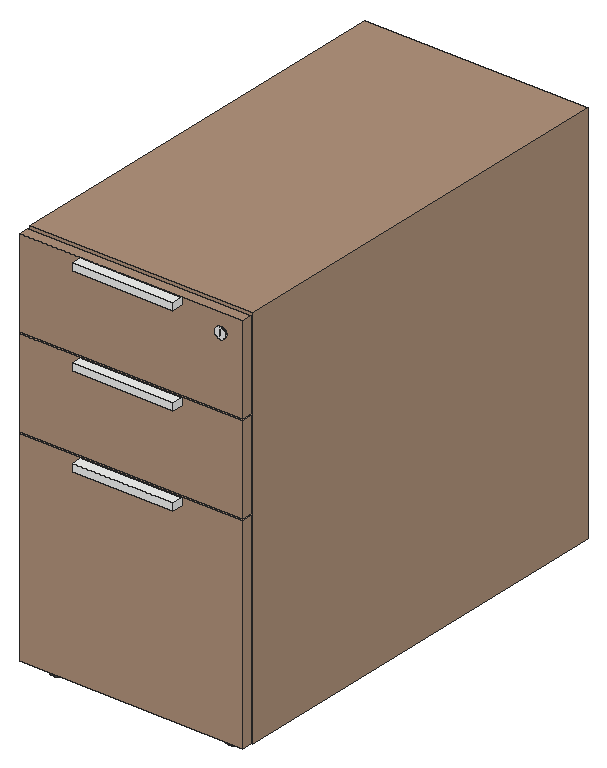
Revit family "Storage-Freestanding-Teknion-BSPSS_Pedestal-R2018", category Furniture, Revit 2018
Family settings
  OmniClass Number = 23.40.20.00
  OmniClass Title = General Furniture and Specialties
  Work Plane-Based = No
  Always vertical = Yes
  Cut with Voids When Loaded = No
  Shared = Yes
  Room Calculation Point = No
Parameters (values of type "30" Depth, 28" Height")
  Warranty = "http://www.teknion.com/ca/papers/legal-canada"
  Unit Weight URL = "http://www.teknion.com/ca/tools/assets#&asset=bee6a381-b954-425e-8283-5a2de3a804f2,f828d448-4b62-4231-9e5f-9a8991c0ed77"
  URL = "www.teknion.com"
  To render please download texture images found here [instance] = "https://assets.teknion.com/web/5e81352c1dfdb467/revit-material-swatches/"
  Sustainability Data = "https://www.teknion.com/ca/tools/assets#&topic=216f99a5-57a0-44fc-b10a-9dee9b29ae4c&asset=444deb64-fe58-4b68-981e-f75e97781df7,b4ff2d81-9f2e-437d-9659-7cffb09c31cf"
  Series = "Expansion Casegoods"  # constant formula
  Pull Finish [instance] = Paint - Teknion - Mica - Very White
  Product Page URL = "https://www.teknion.com/ca/products/product-details?productLineId=0053336e-8e7a-673b-a6c8-ff00004460c4"
  Product Line = "Expansion Casegoods"  # constant formula
  Product Documentation Link = "https://www.teknion.com/pricing/expansion-casegoods/pdfs/Bspss_ppg.pdf"
  Part Number = "BSPSS"  # constant formula
  Model = "BSPSSP3028_"
  Manufacturer Phone = "416-661-3370"  # constant formula
  Manufacturer Fax = "416.661.4586"  # constant formula
  Manufacturer Contact Information = "http://www.teknion.com/ca/contactus"
  Manufacturer Address = "1150 Flint Road, Toronto, ON. M3J 2J5. Canada"  # constant formula
  Manufacturer = "Teknion"  # constant formula
  How To Use Teknion Materials User Guide [instance] = "https://assets.teknion.com/m/205dd0a49fa58060/original/How-to-add-a-Material-Library-and-Texture-Images-to-your-Revit-project.pdf"
  For Additional Finishes please visit [instance] = "https://assets.teknion.com/m/44a8009b046e5d47/original/Teknion_Materials_Library.zip"
  File, File Configuration [instance] = not([Box, Box, File Configuration])  # no
  Drawer Front Finish [instance] = Source Laminate - Teknion - 3M - Provincial Oak
  Description = "Pedestal, Pulls, 30\" Depth, 28\" Height"
  Depth = 30.000"
  Case Finish [instance] = Source Laminate - Teknion - 3M - Provincial Oak (Cross Grain)
  Box, Box, File Top Drawer Cut-Out [instance] = if([Box, Box, File Configuration], 3.589", 0.500")  # 3.589"
  Box, Box, File Configuration [instance] = yes
  Assembly Code = "E2020200"
Types (5): name | Model | Description | Depth
  (no name) | "BSPSSP3028_" | "Pedestal, Pulls, 30\" Depth, 28\" Height" | 30.000"
  18" Depth, 28" Height | "BSPSSP1828_" | "Pedestal, Pulls, 18\" Depth, 28\" Height" | 18.000"
  22" Depth, 28" Height | "BSPSSP2228_" | "Pedestal, Pulls, 22\" Depth, 28\" Height" | 22.000"
  24" Depth, 28" Height | "BSPSSP2428_" | "Pedestal, Pulls, 24\" Depth, 28\" Height" | 24.000"
  30" Depth, 28" Height | "BSPSSP3028_" | "Pedestal, Pulls, 30\" Depth, 28\" Height" | 30.000"
Reference planes (in)
  plane 1 "Center Front/Back": y = 0.93551
  plane 2: z = 0
  plane 3 "Center Left/Right": x = -0.36395
  plane 4 "Left": x = -8.11395
  plane 5 "Right": x = 7.38605
  plane 6 "Back": y = 15.93551
  plane 7 "Front": y = -14.06449
  plane 8 "Top": z = 27.48031
  plane 9: y = -16.81449
  plane 10: z = 0.60236
Forms (in)
  Sweep 1, solid, material "Source Laminate - Teknion - 3M - Provincial Oak (Cross Grain)" <- "Case Finish"
    path origin (0, 0, 0) x (1, 0, 0) y (0, 1, 0)
      loop
        line (-0.36395, 15.93551) -> (-0.36395, -13.22591)
    profile origin (-0.36395, 1.3548, 0) x (1, 0, 0) y (0, 0, 1)
      loop
        line (-7.75, 27.48031) -> (-7.75, 0.60236) -> (7.75, 0.60236) -> (7.75, 27.48031) -> (-7.75, 27.48031)
  Sweep 2, void
    path origin (0, 0, 0) x (1, 0, 0) y (0, 1, 0)
      loop
        line (-0.36395, -16.81449) -> (-0.36395, -13.22549)
    profile origin (-0.36395, -15.01999, 0) x (-1, 0, 0) y (0, 0, 1)
      loop
        line (7.75, 15) -> (-7.75, 15) -> (-7.75, 14.88189) -> (7.75, 14.88189) -> (7.75, 15)
  Sweep 3, solid, material "Source Laminate - Teknion - 3M - Provincial Oak" <- "Drawer Front Finish"
    path origin (0, 0, 0) x (1, 0, 0) y (0, 1, 0)
      loop
        line (-0.36395, -14.06449) -> (-0.36395, -13.3637)
    profile origin (-0.36395, -13.7141, 0) x (-1, 0, 0) y (0, 0, 1)
      loop
        line (7.75, 0.72047) -> (7.75, 27.36221) -> (-7.75, 27.36221) -> (-7.75, 0.72047) -> (7.75, 0.72047)
  Sweep 4, solid, material "Paint - Teknion - Mica - Very White" <- "Pull Finish"
    path origin (0, 0, 0) x (1, 0, 0) y (0, 1, 0)
      loop
        line (-0.36395, -14.81646) -> (-0.36395, -14.06449)
    profile origin (-0.36395, -14.44047, 0) x (-1, 0, 0) y (0, 0, 1)
      loop
        line (3.5, 14.36221) -> (3.5, 14.8622) -> (-3.5, 14.8622) -> (-3.5, 14.36221) -> (3.5, 14.36221)
  Sweep 5, solid, material "Paint - Teknion - Mica - Very White" <- "Pull Finish"
    path origin (-7, 0, 12.48032) x (1, 0, 0) y (0, 1, 0)
      loop
        line (6.63605, -14.81646) -> (6.63605, -14.06449)
    profile origin (-0.36395, -14.44047, 12.48032) x (-1, 0, 0) y (0, 0, 1)
      loop
        line (-3.5, 14.36221) -> (3.5, 14.36221) -> (3.5, 14.8622) -> (-3.5, 14.8622) -> (-3.5, 14.36221)
  Sweep 6, solid, material "Metal - Teknion - C6 - Chrome"
    path origin (0, 0, 0) x (1, 0, 0) y (0, 1, 0)
      loop
        line (5.87031, -14.12354) -> (5.87031, -14.06449)
    profile origin (5.87031, -14.09402, 0) x (-1, 0, 0) y (0, 0, 1)
      loop
        circle (0, 26.10236) r 0.3937
      loop
        line (0.04921, 26.28937) -> (-0.04921, 26.28937) -> (-0.04921, 25.91535) -> (0.04921, 25.91535) -> (0.04921, 26.28937)
  Sweep 7, solid, material "Plastic - Teknion - E - Ebony"
    path origin (0, 0.93551, 0) x (1, 0, 0) y (0, 0, 1)
      loop
        line (-0.36395, 0) -> (-0.36395, 0.60236)
    profile origin (-0.36395, 0.93551, 0.30118) x (-1, 0, 0) y (0, -1, 0)
      loop
        circle (-6.09997, 13.6598) r 0.5
      loop
        circle (6.09997, 13.6598) r 0.5
      loop
        circle (-6.09997, -12.88571) r 0.5
      loop
        circle (6.09997, -12.88571) r 0.5
  Sweep 8, void
    path origin (0, 0, 6.24016) x (1, 0, 0) y (0, 1, 0)
      loop
        line (-0.36395, -16.81449) -> (-0.36395, -13.22549)
    profile origin (-0.36395, -15.01999, 6.24016) x (-1, 0, 0) y (0, 0, 1)
      loop
        line (7.75, 15) -> (-7.75, 15) -> (-7.75, 14.88189) -> (7.75, 14.88189) -> (7.75, 15)
  Sweep 9, solid, material "Paint - Teknion - Mica - Very White" <- "Pull Finish", visible <- "Box, Box, File Configuration"
    path origin (-14, 0, 6.24016) x (1, 0, 0) y (0, 1, 0)
      loop
        line (13.63605, -14.81646) -> (13.63605, -14.06449)
    profile origin (-0.36395, -14.44047, 6.24016) x (-1, 0, 0) y (0, 0, 1)
      loop
        line (3.5, 14.36221) -> (3.5, 14.8622) -> (-3.5, 14.8622) -> (-3.5, 14.36221) -> (3.5, 14.36221)
Cuts and joins
  Sweep 2, Sweep 8 cuts Sweep 3
  Sweep 8 cuts Sweep 1
Lines and regions (in)
  Masking region 1
    outline origin (0, 0, 0) x (1, 0, 0) y (0, 1, 0)
      loop
        line (-8.11395, 15.93551) -> (-8.11395, -13.22591) -> (7.38605, -13.22591) -> (7.38605, 15.93551) -> (-8.11395, 15.93551)
  Masking region 2
    outline origin (0, 0, 0) x (1, 0, 0) y (0, 1, 0)
      loop
        line (-8.11395, -14.06449) -> (7.38605, -14.06449) -> (7.38605, -13.3637) -> (-8.11395, -13.3637) -> (-8.11395, -14.06449)
  Masking region 3
    outline origin (0, 0, 0) x (1, 0, 0) y (0, 1, 0)
      loop
        line (5.47661, -14.06449) -> (5.47661, -14.12354) -> (6.26401, -14.12354) -> (6.26401, -14.06449) -> (5.47661, -14.06449)
  Masking region 4
    outline origin (0, 0, 0) x (1, 0, 0) y (0, 1, 0)
      loop
        line (-3.86395, -14.06449) -> (-3.86395, -14.81646) -> (3.13605, -14.81646) -> (3.13605, -14.06449) -> (-3.86395, -14.06449)
  symbolic lines, style "FurnitureHiddenLines", detail levels fine
    curve 1: arc (-6.96391, 13.82122, 0) -> (-6.46391, 14.32122, 0) -> (-5.96391, 13.82122, 0) r 0.5
    curve 2: arc (-5.96391, 13.82122, 0) -> (-6.46391, 13.32122, 0) -> (-6.96391, 13.82122, 0) r 0.5
    curve 3: arc (5.23602, 13.82122, 0) -> (5.73602, 14.32122, 0) -> (6.23602, 13.82122, 0) r 0.5
    curve 4: arc (6.23602, 13.82122, 0) -> (5.73602, 13.32122, 0) -> (5.23602, 13.82122, 0) r 0.5
    curve 5: arc (5.23602, -12.72429, 0) -> (5.73602, -12.22429, 0) -> (6.23602, -12.72429, 0) r 0.5
    curve 6: arc (6.23602, -12.72429, 0) -> (5.73602, -13.22429, 0) -> (5.23602, -12.72429, 0) r 0.5
    curve 7: arc (-6.96391, -12.72429, 0) -> (-6.46391, -12.22429, 0) -> (-5.96391, -12.72429, 0) r 0.5
    curve 8: arc (-5.96391, -12.72429, 0) -> (-6.46391, -13.22429, 0) -> (-6.96391, -12.72429, 0) r 0.5
Dimensions and locks (in)
  locked: plane 4 "Left" to plane 5 "Right" at 15.5
  "Depth": plane 6 "Back" to plane 7 "Front"
  locked: plane 8 "Top" to level at 27.48031
  equal spacing: plane 7 "Front", plane 1 "Center Front/Back", plane 6 "Back"
  equal spacing: plane 4 "Left", plane 3 "Center Left/Right", plane 5 "Right"
  locked: plane 7 "Front" to Sweep 1 sketch curve at 0.83858
  locked: plane 7 "Front" to plane 9 at 2.75
  Sweep 2 sketch curve to plane 9 = 3.589"
  Sweep 2 sketch curve to Sweep 2 sketch curve to level = 0.11811" locked, 14.88189" locked
  locked: plane 7 "Front" to Sweep 3 sketch curve at 0.70079
  locked: Sweep 3 sketch curve to level at 0.72047
  locked: plane 8 "Top" to Sweep 3 sketch curve at 0.11811
  locked: Sweep 4 sketch curve to plane 7 "Front" at 0.75197
  Sweep 4 sketch curve to Sweep 4 sketch curve to level = 0.500" locked, 14.36221" locked
  Sweep 4 sketch curve to plane 3 "Center Left/Right" to Sweep 4 sketch curve = 3.500" locked, 3.500" locked
  plane 8 "Top" to Sweep 5 sketch curve to Sweep 5 sketch curve = 0.13779" locked, 0.500" locked
  Sweep 5 sketch curve to plane 3 "Center Left/Right" to Sweep 5 sketch curve = 3.500" locked, 3.500" locked
  locked: Sweep 5 sketch curve to plane 7 "Front" at 0.75197
  locked: Sweep 6 sketch curve to plane 7 "Front" at 0.05906
  locked: plane 8 "Top" to Sweep 6 sketch curve at 1.37795
  locked: Sweep 6 sketch curve to plane 5 "Right" at 1.51575
  plane 8 "Top" to Sweep 6 sketch curve to Sweep 6 sketch curve = 1.19094" locked, 0.37402" locked
  Sweep 6 sketch curve to Sweep 6 sketch curve to plane 5 "Right" = 0.09843" locked, 1.46654" locked
  locked: plane 10 to level at 0.60236
  locked: plane 7 "Front" to Sweep 7 sketch curve at 1.3402  (x2)
  locked: plane 4 "Left" to Sweep 7 sketch curve at 1.65003  (x2)
  locked: Sweep 7 sketch curve to plane 5 "Right" at 1.65003  (x2)
  locked: plane 6 "Back" to Sweep 7 sketch curve at 2.11429  (x2)
  plane 8 "Top" to Sweep 8 sketch curve to Sweep 8 sketch curve = 6.24016" locked, 0.11811" locked
  "Box, Box, File Top Drawer Cut-Out": Sweep 8 sketch curve to plane 9
  plane 8 "Top" to Sweep 9 sketch curve to Sweep 9 sketch curve = 6.37795" locked, 0.500" locked
  Sweep 9 sketch curve to plane 3 "Center Left/Right" to Sweep 9 sketch curve = 3.500" locked, 3.500" locked
  locked: Sweep 9 sketch curve to plane 7 "Front" at 0.75197
  Masking region 3 sketch curve to Masking region 3 sketch curve to plane 5 "Right" = 0.7874" locked, 1.12205" locked
  aligned and locked: level to plane 2
  aligned and locked: plane 6 "Back" to Sweep 1 sketch curve
  aligned and locked: Sweep 1 sketch curve to plane 3 "Center Left/Right"
  aligned and locked: plane 5 "Right" to Sweep 1 sketch curve
  aligned and locked: plane 4 "Left" to Sweep 1 sketch curve
  aligned and locked: Sweep 1 sketch curve to plane 8 "Top"
  aligned and locked: plane 9 to Sweep 2 sketch curve
  aligned and locked: Sweep 2 sketch curve to plane 3 "Center Left/Right"
  aligned and locked: plane 5 "Right" to Sweep 2 sketch curve
  aligned and locked: plane 4 "Left" to Sweep 2 sketch curve
  aligned and locked: plane 7 "Front" to Sweep 3 sketch curve
  aligned and locked: plane 3 "Center Left/Right" to Sweep 3 sketch curve
  aligned and locked: plane 4 "Left" to Sweep 3 sketch curve
  aligned and locked: plane 5 "Right" to Sweep 3 sketch curve
  aligned and locked: plane 7 "Front" to Sweep 4 sketch curve
  aligned and locked: Sweep 4 sketch curve to plane 3 "Center Left/Right"
  aligned and locked: plane 7 "Front" to Sweep 5 sketch curve
  aligned and locked: Sweep 5 sketch curve to plane 3 "Center Left/Right"
  aligned and locked: plane 7 "Front" to Sweep 6 sketch curve
  aligned and locked: plane 10 to Sweep 7 sketch curve
  aligned and locked: level to Sweep 7 sketch curve
  aligned and locked: plane 3 "Center Left/Right" to Sweep 7 sketch curve
  aligned and locked: plane 4 "Left" to Sweep 8 sketch curve
  aligned and locked: plane 5 "Right" to Sweep 8 sketch curve
  aligned and locked: plane 9 to Sweep 8 sketch curve
  aligned and locked: plane 7 "Front" to Sweep 9 sketch curve
  aligned and locked: Sweep 9 sketch curve to plane 3 "Center Left/Right"
  aligned and locked: Masking region 1 sketch curve to plane 4 "Left"
  aligned and locked: Masking region 1 sketch curve to plane 6 "Back"
  aligned and locked: Masking region 1 sketch curve to plane 5 "Right"
  aligned and locked: Masking region 1 sketch curve to cut or joined group of Sweep 1, Sweep 8
  aligned and locked: Masking region 2 sketch curve to plane 7 "Front"
  aligned and locked: Masking region 2 sketch curve to plane 4 "Left"
  aligned and locked: Masking region 2 sketch curve to cut or joined group of Sweep 2, Sweep 3, Sweep 8
  aligned and locked: plane 5 "Right" to Masking region 2 sketch curve
  aligned and locked: Masking region 3 sketch curve to Sweep 6  (x2)
  aligned and locked: plane 7 "Front" to Masking region 4 sketch curve
  aligned and locked: Masking region 4 sketch curve to Sweep 4
  aligned and locked: Masking region 4 sketch curve to Sweep 5  (x2)
  aligned and locked: curve 1 to Sweep 7
  aligned and locked: curve 2 to Sweep 7
  aligned and locked: curve 3 to Sweep 7
  aligned and locked: curve 4 to Sweep 7
  aligned and locked: curve 5 to Sweep 7
  aligned and locked: curve 6 to Sweep 7
  aligned and locked: curve 7 to Sweep 7
  aligned and locked: curve 8 to Sweep 7
  aligned and locked: plane 10 to Sweep 1 sketch curve
Automatic sketch dimensions
  plane 5 "Right" to Sweep 6 sketch curve = 1.51575"
  Sweep 8 sketch curve to plane 3 "Center Left/Right" = 0.000"
  radius of Sweep 6 sketch curve = 0.3937"
  radius of Sweep 7 sketch curve = 0.500"  (x4)
